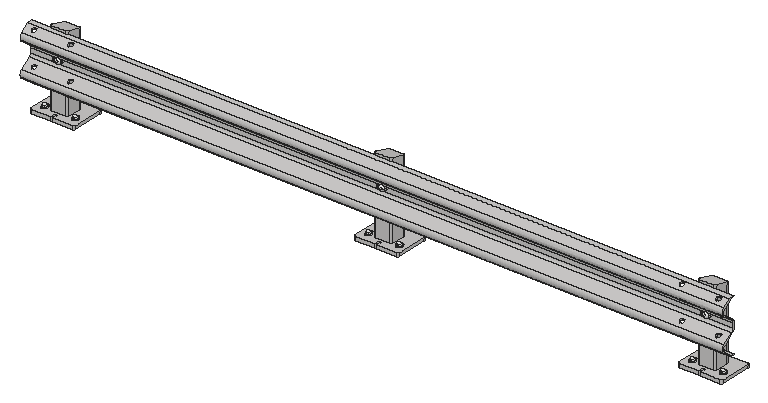
Revit family "Safety & Protection_Barrier_UltiGroup_Highway Rail", category Generic Models, Revit 2016
Family settings
  Part Type = Normal
  Can host rebar = No
  Round Connector Dimension = Use Diameter
  OmniClass Number = 23.30.80.17.11
  OmniClass Title = Impact Guard Rails
  Work Plane-Based = No
  Always vertical = Yes
  Cut with Voids When Loaded = No
  Shared = No
  Room Calculation Point = No
Parameters (values of type "Type 1")
  URL = "www.ultigroup.co.nz"
  Toll Free Phone = "0800 807 753"
  StyleOrType_ANZRS = ""
  Send Message = "http://ultigroup.co.nz/contact-ulti-group/"
  Rail length = 3810 mm
  Rail height = 470 mm
  Post 2 Bolt = yes
  Post 2 = yes
  Post 1 Bolt = yes
  Post 1 = yes
  Phone = "07 974 4691"
  ModifiedIssue_ANZRS = 0
  Model = "Ulti Highway Rail"
  Mid Post = yes
  Manufacturer = "UltiGroup"
  InstallationGroup_ANZRS = 0
  Guard Rail = yes
  Galvanised Steel = Galvanised Steel
  FireRating_ANZRS = ""
  FilterObject_ANZRS = ""
  Fax = "07 846 2467"
  Description = "Gauge 12 (2.7mm) Highway Flex Rail"
  CreatedBy_ANZRS = "UltiGroup"
  CreatedByURL_ANZRS = "www.ultigroup.co.nz"
  CreatedByPhoneNo_ANZRS = "07 974 4691"
  Bolts = Bolts
  Base Plate thickness = 20 mm
  Address = "17 McKee Street, Te Rapa, Hamilton, 3200, New Zealand"
  AcousticRating_ANZRS = ""
Reference planes
  plane 1 "Center (Front/Back)": y = 0
  plane 2: z = 0
  plane 3 "Center (Left/Right)": x = 0
  plane 4: x = 3810
  plane 5: z = 470
  plane 6: x = 1905
  plane 7: z = 445
  plane 8: z = 300
  plane 9: z = 20
  plane 10: y = 100
  plane 11: x = -50
  plane 12: x = 50
  plane 13: x = -130
  plane 14: x = 130
  plane 15: x = -90
  plane 16: x = 90
  plane 17: y = 150
  plane 18: y = -50
  plane 19: x = -40
  plane 20: x = 40
  plane 21: y = 90
  plane 22: y = 10
  plane 23: x = 1855
  plane 24: x = 1955
  plane 25: x = 1775
  plane 26: x = 2035
  plane 27: x = 1815
  plane 28: x = 1995
  plane 29: x = 1865
  plane 30: x = 1945
  plane 31: x = 3760
  plane 32: x = 3860
  plane 33: x = 3680
  plane 34: x = 3940
  plane 35: x = 3720
  plane 36: x = 3900
  plane 37: x = 3770
  plane 38: x = 3850
  plane 39: y = -83
  plane 40: y = -2
  plane 41: x = 108
  plane 42: x = -108
  plane 43: x = 3918
  plane 44: x = 3702
  plane 45: x = -160
  plane 46: x = 3970
  plane 47: y = -44
  plane 48: z = 437.104
  plane 49: z = 356.896
  plane 50: z = 243.104
  plane 51: z = 162.896
  plane 52: x = -90
  plane 53: x = 90
  plane 54: x = 1815
  plane 55: x = 1995
  plane 56: x = 3720
  plane 57: x = 3900
Forms (mm)
  Extrusion 1, solid, material "Galvanised Steel" <- "Galvanised Steel", visible <- "Post 1"
    sketch origin (0, 0, 0) x (1, 0, 0) y (0, 1, 0)
      loop
        line (-130, 140) -> (-130, -40)
        arc (-130, -40) -> (-127.071, -47.071) -> (-120, -50) r 10
        line (-120, -50) -> (-6.5, -50)
        arc (-6.5, -50) -> (-2.964, -48.536) -> (-1.5, -45) r 5
        line (-1.5, -45) -> (-1.5, -41.294)
        arc (-1.5, -41.294) -> (-2.17, -38.794) -> (-4, -36.964) r 5
        arc (-4, -36.964) -> (0, -22.036) -> (4, -36.964) r 8
        arc (4, -36.964) -> (2.17, -38.794) -> (1.5, -41.294) r 5
        line (1.5, -41.294) -> (1.5, -45)
        arc (1.5, -45) -> (2.964, -48.536) -> (6.5, -50) r 5
        line (6.5, -50) -> (120, -50)
        arc (120, -50) -> (127.071, -47.071) -> (130, -40) r 10
        line (130, -40) -> (130, 140)
        arc (130, 140) -> (127.071, 147.071) -> (120, 150) r 10
        line (120, 150) -> (6.5, 150)
        arc (6.5, 150) -> (2.964, 148.536) -> (1.5, 145) r 5
        line (1.5, 145) -> (1.5, 141.294)
        arc (1.5, 141.294) -> (2.17, 138.794) -> (4, 136.964) r 5
        arc (4, 136.964) -> (0, 122.036) -> (-4, 136.964) r 8
        arc (-4, 136.964) -> (-2.17, 138.794) -> (-1.5, 141.294) r 5
        line (-1.5, 141.294) -> (-1.5, 145)
        arc (-1.5, 145) -> (-2.964, 148.536) -> (-6.5, 150) r 5
        line (-6.5, 150) -> (-120, 150)
        arc (-120, 150) -> (-127.071, 147.071) -> (-130, 140) r 10
      loop
        arc (-30, 90) -> (-37.071, 87.071) -> (-40, 80) r 10
        line (-40, 80) -> (-40, 20)
        arc (-40, 20) -> (-37.071, 12.929) -> (-30, 10) r 10
        line (-30, 10) -> (30, 10)
        arc (30, 10) -> (37.071, 12.929) -> (40, 20) r 10
        line (40, 20) -> (40, 80)
        arc (40, 80) -> (37.071, 87.071) -> (30, 90) r 10
        line (30, 90) -> (-30, 90)
      loop
        arc (-79, 21.5) -> (-90, 32.5) -> (-101, 21.5) r 11
        line (-101, 21.5) -> (-101, -1.5)
        arc (-101, -1.5) -> (-90, -12.5) -> (-79, -1.5) r 11
        line (-79, -1.5) -> (-79, 21.5)
      loop
        arc (101, 21.5) -> (90, 32.5) -> (79, 21.5) r 11
        line (79, 21.5) -> (79, -1.5)
        arc (79, -1.5) -> (90, -12.5) -> (101, -1.5) r 11
        line (101, -1.5) -> (101, 21.5)
    from 0 to 20
  Extrusion 2, solid, material "Galvanised Steel" <- "Galvanised Steel", visible <- "Mid Post"
    sketch origin (0, 0, 0) x (1, 0, 0) y (0, 1, 0)
      loop
        line (1775, 140) -> (1775, -40)
        arc (1775, -40) -> (1777.929, -47.071) -> (1785, -50) r 10
        line (1785, -50) -> (1898.5, -50)
        arc (1898.5, -50) -> (1902.036, -48.536) -> (1903.5, -45) r 5
        line (1903.5, -45) -> (1903.5, -41.294)
        arc (1903.5, -41.294) -> (1902.83, -38.794) -> (1901, -36.964) r 5
        arc (1901, -36.964) -> (1905, -22.036) -> (1909, -36.964) r 8
        arc (1909, -36.964) -> (1907.17, -38.794) -> (1906.5, -41.294) r 5
        line (1906.5, -41.294) -> (1906.5, -45)
        arc (1906.5, -45) -> (1907.964, -48.536) -> (1911.5, -50) r 5
        line (1911.5, -50) -> (2025, -50)
        arc (2025, -50) -> (2032.071, -47.071) -> (2035, -40) r 10
        line (2035, -40) -> (2035, 140)
        arc (2035, 140) -> (2032.071, 147.071) -> (2025, 150) r 10
        line (2025, 150) -> (1911.5, 150)
        arc (1911.5, 150) -> (1907.964, 148.536) -> (1906.5, 145) r 5
        line (1906.5, 145) -> (1906.5, 141.294)
        arc (1906.5, 141.294) -> (1907.17, 138.794) -> (1909, 136.964) r 5
        arc (1909, 136.964) -> (1905, 122.036) -> (1901, 136.964) r 8
        arc (1901, 136.964) -> (1902.83, 138.794) -> (1903.5, 141.294) r 5
        line (1903.5, 141.294) -> (1903.5, 145)
        arc (1903.5, 145) -> (1902.036, 148.536) -> (1898.5, 150) r 5
        line (1898.5, 150) -> (1785, 150)
        arc (1785, 150) -> (1777.929, 147.071) -> (1775, 140) r 10
      loop
        line (1865, 80) -> (1865, 20)
        arc (1865, 20) -> (1867.929, 12.929) -> (1875, 10) r 10
        line (1875, 10) -> (1935, 10)
        arc (1935, 10) -> (1942.071, 12.929) -> (1945, 20) r 10
        line (1945, 20) -> (1945, 80)
        arc (1945, 80) -> (1942.071, 87.071) -> (1935, 90) r 10
        line (1935, 90) -> (1875, 90)
        arc (1875, 90) -> (1867.929, 87.071) -> (1865, 80) r 10
      loop
        arc (1826, 21.5) -> (1815, 32.5) -> (1804, 21.5) r 11
        line (1804, 21.5) -> (1804, -1.5)
        arc (1804, -1.5) -> (1815, -12.5) -> (1826, -1.5) r 11
        line (1826, -1.5) -> (1826, 21.5)
      loop
        arc (2006, 21.5) -> (1995, 32.5) -> (1984, 21.5) r 11
        line (1984, 21.5) -> (1984, -1.5)
        arc (1984, -1.5) -> (1995, -12.5) -> (2006, -1.5) r 11
        line (2006, -1.5) -> (2006, 21.5)
    from 0 to 20
  Extrusion 3, solid, material "Galvanised Steel" <- "Galvanised Steel", visible <- "Post 2"
    sketch origin (0, 0, 0) x (1, 0, 0) y (0, 1, 0)
      loop
        line (3940, -40) -> (3940, 140)
        arc (3940, 140) -> (3937.071, 147.071) -> (3930, 150) r 10
        line (3930, 150) -> (3816.5, 150)
        arc (3816.5, 150) -> (3812.964, 148.536) -> (3811.5, 145) r 5
        line (3811.5, 145) -> (3811.5, 141.294)
        arc (3811.5, 141.294) -> (3812.17, 138.794) -> (3814, 136.964) r 5
        arc (3814, 136.964) -> (3810, 122.036) -> (3806, 136.964) r 8
        arc (3806, 136.964) -> (3807.83, 138.794) -> (3808.5, 141.294) r 5
        line (3808.5, 141.294) -> (3808.5, 145)
        arc (3808.5, 145) -> (3807.036, 148.536) -> (3803.5, 150) r 5
        line (3803.5, 150) -> (3690, 150)
        arc (3690, 150) -> (3682.929, 147.071) -> (3680, 140) r 10
        line (3680, 140) -> (3680, -40)
        arc (3680, -40) -> (3682.929, -47.071) -> (3690, -50) r 10
        line (3690, -50) -> (3803.5, -50)
        arc (3803.5, -50) -> (3807.036, -48.536) -> (3808.5, -45) r 5
        line (3808.5, -45) -> (3808.5, -41.294)
        arc (3808.5, -41.294) -> (3807.83, -38.794) -> (3806, -36.964) r 5
        arc (3806, -36.964) -> (3810, -22.036) -> (3814, -36.964) r 8
        arc (3814, -36.964) -> (3812.17, -38.794) -> (3811.5, -41.294) r 5
        line (3811.5, -41.294) -> (3811.5, -45)
        arc (3811.5, -45) -> (3812.964, -48.536) -> (3816.5, -50) r 5
        line (3816.5, -50) -> (3930, -50)
        arc (3930, -50) -> (3937.071, -47.071) -> (3940, -40) r 10
      loop
        arc (3850, 80) -> (3847.071, 87.071) -> (3840, 90) r 10
        line (3840, 90) -> (3780, 90)
        arc (3780, 90) -> (3772.929, 87.071) -> (3770, 80) r 10
        line (3770, 80) -> (3770, 20)
        arc (3770, 20) -> (3772.929, 12.929) -> (3780, 10) r 10
        line (3780, 10) -> (3840, 10)
        arc (3840, 10) -> (3847.071, 12.929) -> (3850, 20) r 10
        line (3850, 20) -> (3850, 80)
      loop
        arc (3731, 21.5) -> (3720, 32.5) -> (3709, 21.5) r 11
        line (3709, 21.5) -> (3709, -1.5)
        arc (3709, -1.5) -> (3720, -12.5) -> (3731, -1.5) r 11
        line (3731, -1.5) -> (3731, 21.5)
      loop
        arc (3911, 21.5) -> (3900, 32.5) -> (3889, 21.5) r 11
        line (3889, 21.5) -> (3889, -1.5)
        arc (3889, -1.5) -> (3900, -12.5) -> (3911, -1.5) r 11
        line (3911, -1.5) -> (3911, 21.5)
    from 0 to 20
  Extrusion 4, solid, material "Galvanised Steel" <- "Galvanised Steel", visible <- "Post 1"
    sketch origin (-2467.543, -1524, 20) x (-1, 0, 0) y (0, -1, 0)
      loop
        line (-2517.543, -1535) -> (-2517.543, -1613)
        arc (-2517.543, -1613) -> (-2514.321, -1620.778) -> (-2506.543, -1624) r 11
        line (-2506.543, -1624) -> (-2428.543, -1624)
        arc (-2428.543, -1624) -> (-2420.764, -1620.778) -> (-2417.543, -1613) r 11
        line (-2417.543, -1613) -> (-2417.543, -1535)
        arc (-2417.543, -1535) -> (-2420.764, -1527.222) -> (-2428.543, -1524) r 11
        line (-2428.543, -1524) -> (-2506.543, -1524)
        arc (-2506.543, -1524) -> (-2514.321, -1527.222) -> (-2517.543, -1535) r 11
      loop
        arc (-2428.543, -1618) -> (-2425.007, -1616.536) -> (-2423.543, -1613) r 5
        line (-2423.543, -1613) -> (-2423.543, -1535)
        arc (-2423.543, -1535) -> (-2425.007, -1531.464) -> (-2428.543, -1530) r 5
        line (-2428.543, -1530) -> (-2506.543, -1530)
        arc (-2506.543, -1530) -> (-2510.078, -1531.464) -> (-2511.543, -1535) r 5
        line (-2511.543, -1535) -> (-2511.543, -1613)
        arc (-2511.543, -1613) -> (-2510.078, -1616.536) -> (-2506.543, -1618) r 5
        line (-2506.543, -1618) -> (-2428.543, -1618)
    from 0 to 450
  Extrusion 5, solid, material "Galvanised Steel" <- "Galvanised Steel", visible <- "Mid Post"
    sketch origin (-2467.543, -1524, 20) x (-1, 0, 0) y (0, -1, 0)
      loop
        arc (-4322.543, -1535) -> (-4325.764, -1527.222) -> (-4333.543, -1524) r 11
        line (-4333.543, -1524) -> (-4411.543, -1524)
        arc (-4411.543, -1524) -> (-4419.321, -1527.222) -> (-4422.543, -1535) r 11
        line (-4422.543, -1535) -> (-4422.543, -1613)
        arc (-4422.543, -1613) -> (-4419.321, -1620.778) -> (-4411.543, -1624) r 11
        line (-4411.543, -1624) -> (-4333.543, -1624)
        arc (-4333.543, -1624) -> (-4325.764, -1620.778) -> (-4322.543, -1613) r 11
        line (-4322.543, -1613) -> (-4322.543, -1535)
      loop
        arc (-4333.543, -1618) -> (-4330.007, -1616.536) -> (-4328.543, -1613) r 5
        line (-4328.543, -1613) -> (-4328.543, -1535)
        arc (-4328.543, -1535) -> (-4330.007, -1531.464) -> (-4333.543, -1530) r 5
        line (-4333.543, -1530) -> (-4411.543, -1530)
        arc (-4411.543, -1530) -> (-4415.078, -1531.464) -> (-4416.543, -1535) r 5
        line (-4416.543, -1535) -> (-4416.543, -1613)
        arc (-4416.543, -1613) -> (-4415.078, -1616.536) -> (-4411.543, -1618) r 5
        line (-4411.543, -1618) -> (-4333.543, -1618)
    from 0 to 450
  Extrusion 6, solid, material "Galvanised Steel" <- "Galvanised Steel", visible <- "Post 2"
    sketch origin (-2467.543, -1524, 20) x (-1, 0, 0) y (0, -1, 0)
      loop
        line (-6327.543, -1535) -> (-6327.543, -1613)
        arc (-6327.543, -1613) -> (-6324.321, -1620.778) -> (-6316.543, -1624) r 11
        line (-6316.543, -1624) -> (-6238.543, -1624)
        arc (-6238.543, -1624) -> (-6230.764, -1620.778) -> (-6227.543, -1613) r 11
        line (-6227.543, -1613) -> (-6227.543, -1535)
        arc (-6227.543, -1535) -> (-6230.764, -1527.222) -> (-6238.543, -1524) r 11
        line (-6238.543, -1524) -> (-6316.543, -1524)
        arc (-6316.543, -1524) -> (-6324.321, -1527.222) -> (-6327.543, -1535) r 11
      loop
        arc (-6238.543, -1618) -> (-6235.007, -1616.536) -> (-6233.543, -1613) r 5
        line (-6233.543, -1613) -> (-6233.543, -1535)
        arc (-6233.543, -1535) -> (-6235.007, -1531.464) -> (-6238.543, -1530) r 5
        line (-6238.543, -1530) -> (-6316.543, -1530)
        arc (-6316.543, -1530) -> (-6320.078, -1531.464) -> (-6321.543, -1535) r 5
        line (-6321.543, -1535) -> (-6321.543, -1613)
        arc (-6321.543, -1613) -> (-6320.078, -1616.536) -> (-6316.543, -1618) r 5
        line (-6316.543, -1618) -> (-6238.543, -1618)
    from 0 to 450
  Extrusion 7, solid, material "Galvanised Steel" <- "Galvanised Steel", visible <- "Guard Rail"
    sketch origin (-160, 746.798, 1200) x (0, 1, 0) y (0, 0, 1)
      loop
        line (-746.798, -744) -> (-773.387, -748.689) -> (-817.759, -780.685)
        arc (-817.759, -780.685) -> (-829.792, -802.443) -> (-818.677, -824.684) r 26.7
        line (-818.677, -824.684) -> (-761.329, -866.629)
        arc (-761.329, -866.629) -> (-754.096, -875.138) -> (-751.498, -886) r 24
        line (-751.498, -886) -> (-751.498, -914)
        arc (-751.498, -914) -> (-754.096, -924.862) -> (-761.329, -933.371) r 24
        line (-761.329, -933.371) -> (-818.677, -975.316)
        arc (-818.677, -975.316) -> (-829.798, -997.021) -> (-818.643, -1018.707) r 26.7
        line (-818.643, -1018.707) -> (-773.387, -1051.311) -> (-746.798, -1056) -> (-746.798, -1053.258) -> (-772.31, -1048.76) -> (-817.068, -1016.515)
        arc (-817.068, -1016.515) -> (-827.098, -997.015) -> (-817.092, -977.503) r 24
        line (-817.092, -977.503) -> (-759.735, -935.551)
        arc (-759.735, -935.551) -> (-751.688, -926.084) -> (-748.798, -914) r 26.7
        line (-748.798, -914) -> (-748.798, -886)
        arc (-748.798, -886) -> (-751.688, -873.916) -> (-759.735, -864.449) r 26.7
        line (-759.735, -864.449) -> (-817.092, -822.497)
        arc (-817.092, -822.497) -> (-827.098, -802.985) -> (-817.068, -783.485) r 24
        line (-817.068, -783.485) -> (-772.31, -751.24) -> (-746.798, -746.742) -> (-746.798, -744)
    from 0 to 4130
  Extrusion 8, void
    sketch origin (0, 0, 0) x (-1, 0, 0) y (0, 0, 1)
      loop
        line (-1927, 290.5) -> (-1883, 290.5)
        arc (-1883, 290.5) -> (-1873.5, 300) -> (-1883, 309.5) r 9.5
        line (-1883, 309.5) -> (-1927, 309.5)
        arc (-1927, 309.5) -> (-1936.5, 300) -> (-1927, 290.5) r 9.5
    from 0 to -4.7
  Extrusion 9, void
    sketch origin (0, 0, 0) x (-1, 0, 0) y (0, 0, 1)
      loop
        arc (-22, 309.5) -> (-31.5, 300) -> (-22, 290.5) r 9.5
        line (-22, 290.5) -> (22, 290.5)
        arc (22, 290.5) -> (31.5, 300) -> (22, 309.5) r 9.5
        line (22, 309.5) -> (-22, 309.5)
    from 0 to -4.7
  Extrusion 10, void
    sketch origin (0, 0, 0) x (-1, 0, 0) y (0, 0, 1)
      loop
        arc (-3832, 309.5) -> (-3841.5, 300) -> (-3832, 290.5) r 9.5
        line (-3832, 290.5) -> (-3788, 290.5)
        arc (-3788, 290.5) -> (-3778.5, 300) -> (-3788, 309.5) r 9.5
        line (-3788, 309.5) -> (-3832, 309.5)
    from 0 to -4.7
  Extrusion 11, void
    sketch origin (-160, -70.961, 419.315) x (0, -0.811105, -0.584901) y (-1, 0, 0)
      loop
        line (-43.805, -49) -> (-43.805, -55)
        arc (-43.805, -55) -> (-40.437, -63.132) -> (-32.305, -66.5) r 11.5
        arc (-32.305, -66.5) -> (-24.173, -63.132) -> (-20.805, -55) r 11.5
        line (-20.805, -55) -> (-20.805, -49)
        arc (-20.805, -49) -> (-24.173, -40.868) -> (-32.305, -37.5) r 11.5
        arc (-32.305, -37.5) -> (-40.437, -40.868) -> (-43.805, -49) r 11.5
      loop
        line (-43.805, -265) -> (-43.805, -271)
        arc (-43.805, -271) -> (-40.437, -279.132) -> (-32.305, -282.5) r 11.5
        arc (-32.305, -282.5) -> (-24.173, -279.132) -> (-20.805, -271) r 11.5
        line (-20.805, -271) -> (-20.805, -265)
        arc (-20.805, -265) -> (-24.173, -256.868) -> (-32.305, -253.5) r 11.5
        arc (-32.305, -253.5) -> (-40.437, -256.868) -> (-43.805, -265) r 11.5
    from 0 to 2.69
  Extrusion 12, void
    sketch origin (-160, -70.961, 419.315) x (0, -0.811105, -0.584901) y (-1, 0, 0)
      loop
        line (-43.805, -3859) -> (-43.805, -3865)
        arc (-43.805, -3865) -> (-40.437, -3873.132) -> (-32.305, -3876.5) r 11.5
        arc (-32.305, -3876.5) -> (-24.173, -3873.132) -> (-20.805, -3865) r 11.5
        line (-20.805, -3865) -> (-20.805, -3859)
        arc (-20.805, -3859) -> (-24.173, -3850.868) -> (-32.305, -3847.5) r 11.5
        arc (-32.305, -3847.5) -> (-40.437, -3850.868) -> (-43.805, -3859) r 11.5
      loop
        line (-43.805, -4075) -> (-43.805, -4081)
        arc (-43.805, -4081) -> (-40.437, -4089.132) -> (-32.305, -4092.5) r 11.5
        arc (-32.305, -4092.5) -> (-24.173, -4089.132) -> (-20.805, -4081) r 11.5
        line (-20.805, -4081) -> (-20.805, -4075)
        arc (-20.805, -4075) -> (-24.173, -4066.868) -> (-32.305, -4063.5) r 11.5
        arc (-32.305, -4063.5) -> (-40.437, -4066.868) -> (-43.805, -4075) r 11.5
    from 0 to 2.69
  Extrusion 13, void
    sketch origin (-160, -14.531, 333.371) x (0, 0.807143, -0.590356) y (-1, 0, 0)
      loop
        line (-49.15, -49) -> (-49.15, -55)
        arc (-49.15, -55) -> (-45.782, -63.132) -> (-37.65, -66.5) r 11.5
        arc (-37.65, -66.5) -> (-29.519, -63.132) -> (-26.15, -55) r 11.5
        line (-26.15, -55) -> (-26.15, -49)
        arc (-26.15, -49) -> (-29.519, -40.868) -> (-37.65, -37.5) r 11.5
        arc (-37.65, -37.5) -> (-45.782, -40.868) -> (-49.15, -49) r 11.5
      loop
        line (-49.15, -265) -> (-49.15, -271)
        arc (-49.15, -271) -> (-45.782, -279.132) -> (-37.65, -282.5) r 11.5
        arc (-37.65, -282.5) -> (-29.519, -279.132) -> (-26.15, -271) r 11.5
        line (-26.15, -271) -> (-26.15, -265)
        arc (-26.15, -265) -> (-29.519, -256.868) -> (-37.65, -253.5) r 11.5
        arc (-37.65, -253.5) -> (-45.782, -256.868) -> (-49.15, -265) r 11.5
    from 0 to 2.7
  Extrusion 14, void
    sketch origin (-160, -71.879, 224.684) x (0, -0.807143, -0.590356) y (-1, 0, 0)
      loop
        arc (-21.9, -49) -> (-25.268, -40.868) -> (-33.4, -37.5) r 11.5
        arc (-33.4, -37.5) -> (-41.532, -40.868) -> (-44.9, -49) r 11.5
        line (-44.9, -49) -> (-44.9, -55)
        arc (-44.9, -55) -> (-41.532, -63.132) -> (-33.4, -66.5) r 11.5
        arc (-33.4, -66.5) -> (-25.268, -63.132) -> (-21.9, -55) r 11.5
        line (-21.9, -55) -> (-21.9, -49)
      loop
        arc (-21.9, -265) -> (-25.268, -256.868) -> (-33.4, -253.5) r 11.5
        arc (-33.4, -253.5) -> (-41.532, -256.868) -> (-44.9, -265) r 11.5
        line (-44.9, -265) -> (-44.9, -271)
        arc (-44.9, -271) -> (-41.532, -279.132) -> (-33.4, -282.5) r 11.5
        arc (-33.4, -282.5) -> (-25.268, -279.132) -> (-21.9, -271) r 11.5
        line (-21.9, -271) -> (-21.9, -265)
    from 0 to 2.7
  Extrusion 15, void
    sketch origin (-160, -26.59, 148.689) x (0, 0.811367, -0.584536) y (-1, 0, 0)
      loop
        line (-34.978, -49) -> (-34.978, -55)
        arc (-34.978, -55) -> (-31.609, -63.132) -> (-23.478, -66.5) r 11.5
        arc (-23.478, -66.5) -> (-15.346, -63.132) -> (-11.978, -55) r 11.5
        line (-11.978, -55) -> (-11.978, -49)
        arc (-11.978, -49) -> (-15.346, -40.868) -> (-23.478, -37.5) r 11.5
        arc (-23.478, -37.5) -> (-31.609, -40.868) -> (-34.978, -49) r 11.5
      loop
        arc (-11.978, -265.03) -> (-15.355, -256.877) -> (-23.478, -253.5) r 11.53
        arc (-23.478, -253.5) -> (-31.609, -256.868) -> (-34.978, -265) r 11.5
        line (-34.978, -265) -> (-34.978, -271)
        arc (-34.978, -271) -> (-31.609, -279.132) -> (-23.478, -282.5) r 11.5
        arc (-23.478, -282.5) -> (-15.346, -279.132) -> (-11.978, -271) r 11.5
        line (-11.978, -271) -> (-11.978, -265.03)
    from 0 to 2.7
  Extrusion 16, void
    sketch origin (-160, -14.531, 333.371) x (0, 0.807143, -0.590356) y (-1, 0, 0)
      loop
        line (-49.15, -3859) -> (-49.15, -3865)
        arc (-49.15, -3865) -> (-45.782, -3873.132) -> (-37.65, -3876.5) r 11.5
        arc (-37.65, -3876.5) -> (-29.519, -3873.132) -> (-26.15, -3865) r 11.5
        line (-26.15, -3865) -> (-26.15, -3859)
        arc (-26.15, -3859) -> (-29.519, -3850.868) -> (-37.65, -3847.5) r 11.5
        arc (-37.65, -3847.5) -> (-45.782, -3850.868) -> (-49.15, -3859) r 11.5
      loop
        arc (-26.15, -4075) -> (-29.519, -4066.868) -> (-37.65, -4063.5) r 11.5
        arc (-37.65, -4063.5) -> (-45.782, -4066.868) -> (-49.15, -4075) r 11.5
        line (-49.15, -4075) -> (-49.15, -4081)
        arc (-49.15, -4081) -> (-45.782, -4089.132) -> (-37.65, -4092.5) r 11.5
        arc (-37.65, -4092.5) -> (-29.519, -4089.132) -> (-26.15, -4081) r 11.5
        line (-26.15, -4081) -> (-26.15, -4075)
    from 0 to 2.7
  Extrusion 17, void
    sketch origin (-160, -71.879, 224.684) x (0, -0.807143, -0.590356) y (-1, 0, 0)
      loop
        arc (-21.9, -3859) -> (-25.268, -3850.868) -> (-33.4, -3847.5) r 11.5
        arc (-33.4, -3847.5) -> (-41.532, -3850.868) -> (-44.9, -3859) r 11.5
        line (-44.9, -3859) -> (-44.9, -3865)
        arc (-44.9, -3865) -> (-41.532, -3873.132) -> (-33.4, -3876.5) r 11.5
        arc (-33.4, -3876.5) -> (-25.268, -3873.132) -> (-21.9, -3865) r 11.5
        line (-21.9, -3865) -> (-21.9, -3859)
      loop
        line (-44.9, -4075) -> (-44.9, -4081)
        arc (-44.9, -4081) -> (-41.532, -4089.132) -> (-33.4, -4092.5) r 11.5
        arc (-33.4, -4092.5) -> (-25.268, -4089.132) -> (-21.9, -4081) r 11.5
        line (-21.9, -4081) -> (-21.9, -4075)
        arc (-21.9, -4075) -> (-25.268, -4066.868) -> (-33.4, -4063.5) r 11.5
        arc (-33.4, -4063.5) -> (-41.532, -4066.868) -> (-44.9, -4075) r 11.5
    from 0 to 2.7
  Extrusion 18, void
    sketch origin (-160, -26.59, 148.689) x (0, 0.811367, -0.584536) y (-1, 0, 0)
      loop
        line (-34.978, -3859) -> (-34.978, -3865)
        arc (-34.978, -3865) -> (-31.609, -3873.132) -> (-23.478, -3876.5) r 11.5
        arc (-23.478, -3876.5) -> (-15.346, -3873.132) -> (-11.978, -3865) r 11.5
        line (-11.978, -3865) -> (-11.978, -3859)
        arc (-11.978, -3859) -> (-15.346, -3850.868) -> (-23.478, -3847.5) r 11.5
        arc (-23.478, -3847.5) -> (-31.609, -3850.868) -> (-34.978, -3859) r 11.5
      loop
        line (-34.978, -4075) -> (-34.978, -4081)
        arc (-34.978, -4081) -> (-31.609, -4089.132) -> (-23.478, -4092.5) r 11.5
        arc (-23.478, -4092.5) -> (-15.346, -4089.132) -> (-11.978, -4081) r 11.5
        line (-11.978, -4081) -> (-11.978, -4075)
        arc (-11.978, -4075) -> (-15.346, -4066.868) -> (-23.478, -4063.5) r 11.5
        arc (-23.478, -4063.5) -> (-31.609, -4066.868) -> (-34.978, -4075) r 11.5
    from 0 to 2.7
  Extrusion 19, solid, material "Galvanised Steel" <- "Galvanised Steel", visible <- "Post 1"
    sketch origin (-50, 0, 470) x (0, 0.970143, -0.242536) y (-1, 0, 0)
      loop
        arc (103.078, -10.524) -> (99.586, -3.057) -> (91.924, 0) r 11.174
        line (91.924, 0) -> (11.338, -0.018)
        arc (11.338, -0.018) -> (3.559, -2.994) -> (0, -10.524) r 11.174
        line (0, -10.524) -> (0, -89.476)
        arc (0, -89.476) -> (3.559, -97.006) -> (11.339, -100) r 11.174
        line (11.339, -100) -> (91.924, -99.983)
        arc (91.924, -99.983) -> (99.586, -96.943) -> (103.078, -89.476) r 11.174
        line (103.078, -89.476) -> (103.078, -10.524)
    from -1 to 0
  Extrusion 20, solid, material "Galvanised Steel" <- "Galvanised Steel", visible <- "Post 1"
    sketch origin (-1527.238, -1524, 470) x (-1, 0, 0) y (0, -1, 0)
      loop
        line (-1577.238, -1535) -> (-1577.238, -1613)
        arc (-1577.238, -1613) -> (-1574.016, -1620.778) -> (-1566.238, -1624) r 11
        line (-1566.238, -1624) -> (-1488.238, -1624)
        arc (-1488.238, -1624) -> (-1480.459, -1620.778) -> (-1477.238, -1613) r 11
        line (-1477.238, -1613) -> (-1477.238, -1535)
        arc (-1477.238, -1535) -> (-1480.459, -1527.222) -> (-1488.238, -1524) r 11
        line (-1488.238, -1524) -> (-1566.238, -1524)
        arc (-1566.238, -1524) -> (-1574.016, -1527.222) -> (-1577.238, -1535) r 11
    from -31 to 0
  Extrusion 21, solid, material "Galvanised Steel" <- "Galvanised Steel", visible <- "Mid Post"
    sketch origin (-1527.238, -1524, 470) x (-1, 0, 0) y (0, -1, 0)
      loop
        line (-3482.238, -1535) -> (-3482.238, -1613)
        arc (-3482.238, -1613) -> (-3479.016, -1620.778) -> (-3471.238, -1624) r 11
        line (-3471.238, -1624) -> (-3393.238, -1624)
        arc (-3393.238, -1624) -> (-3385.459, -1620.778) -> (-3382.238, -1613) r 11
        line (-3382.238, -1613) -> (-3382.238, -1535)
        arc (-3382.238, -1535) -> (-3385.459, -1527.222) -> (-3393.238, -1524) r 11
        line (-3393.238, -1524) -> (-3471.238, -1524)
        arc (-3471.238, -1524) -> (-3479.016, -1527.222) -> (-3482.238, -1535) r 11
    from -31 to 0
  Extrusion 22, solid, material "Galvanised Steel" <- "Galvanised Steel", visible <- "Post 2"
    sketch origin (-1527.238, -1524, 470) x (-1, 0, 0) y (0, -1, 0)
      loop
        arc (-5287.238, -1535) -> (-5290.459, -1527.222) -> (-5298.238, -1524) r 11
        line (-5298.238, -1524) -> (-5376.238, -1524)
        arc (-5376.238, -1524) -> (-5384.016, -1527.222) -> (-5387.238, -1535) r 11
        line (-5387.238, -1535) -> (-5387.238, -1613)
        arc (-5387.238, -1613) -> (-5384.016, -1620.778) -> (-5376.238, -1624) r 11
        line (-5376.238, -1624) -> (-5298.238, -1624)
        arc (-5298.238, -1624) -> (-5290.459, -1620.778) -> (-5287.238, -1613) r 11
        line (-5287.238, -1613) -> (-5287.238, -1535)
    from -31 to 0
  Extrusion 23, void
    sketch origin (-50, 65, 1200) x (0, 1, 0) y (0, 0, 1)
      loop
        line (35, -730) -> (-65, -730) -> (35, -755) -> (35, -730)
    from 100 to 0
  Extrusion 24, void
    sketch origin (1855, 65, 1200) x (0, 1, 0) y (0, 0, 1)
      loop
        line (35, -730) -> (-65, -730) -> (35, -755) -> (35, -730)
    from 100 to 0
  Extrusion 25, void
    sketch origin (3760, 65, 1200) x (0, 1, 0) y (0, 0, 1)
      loop
        line (35, -730) -> (-65, -730) -> (35, -755) -> (35, -730)
    from 100 to 0
  Extrusion 26, solid, material "Bolts" <- "Bolts", visible <- "Mid Post"
    sketch origin (1275, -2, 1200) x (-1, 0, 0) y (0, 0, 1)
      loop
        circle (-630, -900) r 8
    from 30 to -2.7
  Extrusion 27, solid, material "Bolts" <- "Bolts", visible <- "Mid Post"
    sketch origin (1275, -2, 1200) x (-1, 0, 0) y (0, 0, 1)
      loop
        circle (-630, -900) r 14
    from -10.7 to -2.7
  Sweep 28, void
    path in 3D
      loop
        arc (1919, -12.7, 300) -> (1905, -12.7, 286) -> (1891, -12.7, 300) r 14
        arc (1891, -12.7, 300) -> (1905, -12.7, 314) -> (1919, -12.7, 300) r 14
    profile origin (1905, -12.7, 314) x (0, 0, 1) y (0, -1, 0)
      loop
        line (0, -6) -> (0, 0) -> (-6, 0)
        arc (-6, 0) -> (-1.757, -1.757) -> (0, -6) r 6
  Extrusion 29, solid, material "Bolts" <- "Bolts", visible <- "Post 2 Bolt"
    sketch origin (-160, -4.7, 286) x (0, 0, 1) y (-1, 0, 0)
      loop
        circle (14, -3970) r 8
    from -30 to 0
  Extrusion 30, solid, material "Bolts" <- "Bolts", visible <- "Post 2 Bolt"
    sketch origin (-160, -4.7, 286) x (0, 0, 1) y (-1, 0, 0)
      loop
        circle (14, -3970) r 14
    from 0 to 8
  Sweep 31, void
    path in 3D
      loop
        arc (3810, -12.7, 286) -> (3796, -12.7, 300) -> (3810, -12.7, 314) r 14
        arc (3810, -12.7, 314) -> (3824, -12.7, 300) -> (3810, -12.7, 286) r 14
    profile origin (3824, -12.7, 300) x (0, -1, 0) y (1, 0, 0)
      loop
        line (0, 0) -> (-6, 0)
        arc (-6, 0) -> (-1.757, -1.757) -> (0, -6) r 6
        line (0, -6) -> (0, 0)
  Extrusion 32, solid, material "Bolts" <- "Bolts", visible <- "Post 1 Bolt"
    sketch origin (-160, -4.7, 286) x (0, 0, 1) y (-1, 0, 0)
      loop
        circle (14, -160) r 8
    from -30 to 0
  Extrusion 33, solid, material "Bolts" <- "Bolts", visible <- "Post 1 Bolt"
    sketch origin (-160, -4.7, 286) x (0, 0, 1) y (-1, 0, 0)
      loop
        circle (14, -160) r 14
    from 0 to 8
  Sweep 34, void
    path in 3D
      loop
        arc (0, -12.7, 314) -> (14, -12.7, 300) -> (0, -12.7, 286) r 14
        arc (0, -12.7, 286) -> (-14, -12.7, 300) -> (0, -12.7, 314) r 14
    profile origin (-14, -12.7, 300) x (-1, 0, 0) y (0, -1, 0)
      loop
        line (0, 0) -> (-6, 0)
        arc (-6, 0) -> (-1.757, -1.757) -> (0, -6) r 6
        line (0, -6) -> (0, 0)
  Extrusion 35, solid, material "Bolts" <- "Bolts", visible <- "Post 1"
    sketch origin (0, 0, 20) x (1, 0, 0) y (0, 1, 0)
      loop
        circle (-90, 10) r 10
      loop
        circle (90, 10) r 10
    from -20 to 13
  Extrusion 36, solid, material "Bolts" <- "Bolts", visible <- "Post 1"
    sketch origin (0, 0, 20) x (1, 0, 0) y (0, 1, 0)
      loop
        circle (-90, 10) r 16
      loop
        circle (90, 10) r 16
    from 0 to 3
  Extrusion 37, solid, material "Bolts" <- "Bolts", visible <- "Post 1"
    sketch origin (0, 0, 23) x (1, 0, 0) y (0, 1, 0)
      loop
        line (-76, 10) -> (-83, 22.124) -> (-97, 22.124) -> (-104, 10) -> (-97, -2.124) -> (-83, -2.124) -> (-76, 10)
      loop
        circle (-90, 10) r 10
      loop
        circle (90, 10) r 10
      loop
        line (104, 10) -> (97, 22.124) -> (83, 22.124) -> (76, 10) -> (83, -2.124) -> (97, -2.124) -> (104, 10)
    from 0 to 10
  Extrusion 38, solid, material "Bolts" <- "Bolts", visible <- "Mid Post"
    sketch origin (0, 0, 20) x (1, 0, 0) y (0, 1, 0)
      loop
        circle (1815, 10) r 10
      loop
        circle (1995, 10) r 10
    from -20 to 13
  Extrusion 39, solid, material "Bolts" <- "Bolts", visible <- "Mid Post"
    sketch origin (0, 0, 20) x (1, 0, 0) y (0, 1, 0)
      loop
        circle (1815, 10) r 10
      loop
        circle (1995, 10) r 10
      loop
        circle (1815, 10) r 16
      loop
        circle (1995, 10) r 16
    from 0 to 3
  Extrusion 40, solid, material "Bolts" <- "Bolts", visible <- "Post 2"
    sketch origin (0, 0, 20) x (1, 0, 0) y (0, 1, 0)
      loop
        circle (3720, 10) r 10
      loop
        circle (3900, 10) r 10
    from -20 to 13
  Extrusion 41, solid, material "Bolts" <- "Bolts", visible <- "Post 2"
    sketch origin (0, 0, 20) x (1, 0, 0) y (0, 1, 0)
      loop
        circle (3720, 10) r 10
      loop
        circle (3720, 10) r 16
      loop
        circle (3900, 10) r 10
      loop
        circle (3900, 10) r 16
    from 0 to 3
  Extrusion 42, solid, material "Bolts" <- "Bolts", visible <- "Post 2"
    sketch origin (0, 0, 23) x (1, 0, 0) y (0, 1, 0)
      loop
        circle (3720, 10) r 10
      loop
        line (3734, 10) -> (3727, 22.124) -> (3713, 22.124) -> (3706, 10) -> (3713, -2.124) -> (3727, -2.124) -> (3734, 10)
      loop
        circle (3900, 10) r 10
      loop
        line (3914, 10) -> (3907, 22.124) -> (3893, 22.124) -> (3886, 10) -> (3893, -2.124) -> (3907, -2.124) -> (3914, 10)
    from 0 to 10
  Extrusion 43, solid, material "Bolts" <- "Bolts", visible <- "Mid Post"
    sketch origin (0, 0, 23) x (1, 0, 0) y (0, 1, 0)
      loop
        circle (1815, 10) r 10
      loop
        circle (1995, 10) r 10
      loop
        line (1829, 10) -> (1822, 22.124) -> (1808, 22.124) -> (1801, 10) -> (1808, -2.124) -> (1822, -2.124) -> (1829, 10)
      loop
        line (2009, 10) -> (2002, 22.124) -> (1988, 22.124) -> (1981, 10) -> (1988, -2.124) -> (2002, -2.124) -> (2009, 10)
    from 0 to 10
Cuts and joins
  Extrusion 9, Extrusion 23 cuts Extrusion 4
  Extrusion 23 cuts Extrusion 19
  Extrusion 23 cuts Extrusion 20
  joined: Extrusion 4, Extrusion 19, Extrusion 20
  Extrusion 8, Extrusion 24 cuts Extrusion 5
  Extrusion 24 cuts Extrusion 21
  joined: Extrusion 5, Extrusion 21
  Extrusion 10, Extrusion 25 cuts Extrusion 6
  Extrusion 25 cuts Extrusion 22
  joined: Extrusion 6, Extrusion 22
  Extrusion 8, Extrusion 9, Extrusion 10, Extrusion 11, Extrusion 12, Extrusion 13, Extrusion 14, Extrusion 15, Extrusion 16, Extrusion 17, Extrusion 18 cuts Extrusion 7
  Sweep 28 cuts Extrusion 26
  Sweep 28 cuts Extrusion 27
  joined: Extrusion 26, Extrusion 27
  Sweep 31 cuts Extrusion 29
  Sweep 31 cuts Extrusion 30
  joined: Extrusion 29, Extrusion 30
  Sweep 34 cuts Extrusion 32
  Sweep 34 cuts Extrusion 33
  joined: Extrusion 32, Extrusion 33
  joined: Extrusion 35, Extrusion 36, Extrusion 37
  joined: Extrusion 38, Extrusion 39, Extrusion 43
  joined: Extrusion 40, Extrusion 41, Extrusion 42
Lines and regions (mm)
  sketch lines
    curve 1: arc (1891, -12.7, 300) -> (1905, -12.7, 314) -> (1919, -12.7, 300) r 14
    curve 2: arc (1919, -12.7, 300) -> (1905, -12.7, 286) -> (1891, -12.7, 300) r 14
    curve 3: arc (3810, -12.7, 314) -> (3824, -12.7, 300) -> (3810, -12.7, 286) r 14
    curve 4: arc (3810, -12.7, 286) -> (3796, -12.7, 300) -> (3810, -12.7, 314) r 14
    curve 5: arc (0, -12.7, 286) -> (-14, -12.7, 300) -> (0, -12.7, 314) r 14
    curve 6: arc (0, -12.7, 314) -> (14, -12.7, 300) -> (0, -12.7, 286) r 14
Dimensions and locks
  "Rail length": plane 3 "Center (Left/Right)" to plane 4
  equal spacing: plane 3 "Center (Left/Right)", plane 6, plane 4
  "Rail height": plane 5 to plane 2
  locked: plane 5 to plane 7 at 25
  locked: plane 5 to plane 8 at 170
  "Base Plate thickness": plane 9 to plane 2
  locked: plane 1 "Center (Front/Back)" to plane 10 at 100
  locked: plane 11 to plane 3 "Center (Left/Right)" at 50
  locked: plane 3 "Center (Left/Right)" to plane 12 at 50
  locked: plane 13 to plane 3 "Center (Left/Right)" at 130
  locked: plane 3 "Center (Left/Right)" to plane 14 at 130
  locked: plane 13 to plane 15 at 40
  locked: plane 16 to plane 14 at 40
  locked: plane 1 "Center (Front/Back)" to plane 17 at 150
  locked: plane 18 to plane 1 "Center (Front/Back)" at 50
  locked: plane 11 to plane 19 at 10
  locked: plane 20 to plane 12 at 10
  locked: plane 1 "Center (Front/Back)" to plane 22 at 10
  locked: plane 10 to plane 21 at 10
  locked: plane 23 to plane 6 at 50
  locked: plane 6 to plane 24 at 50
  locked: plane 25 to plane 6 at 130
  locked: plane 6 to plane 26 at 130
  locked: plane 25 to plane 27 at 40
  locked: plane 28 to plane 26 at 40
  locked: plane 23 to plane 29 at 10
  locked: plane 30 to plane 24 at 10
  locked: plane 31 to plane 4 at 50
  locked: plane 4 to plane 32 at 50
  locked: plane 33 to plane 4 at 130
  locked: plane 4 to plane 34 at 130
  locked: plane 33 to plane 35 at 40
  locked: plane 36 to plane 34 at 40
  locked: plane 31 to plane 37 at 10
  locked: plane 38 to plane 32 at 10
  locked: plane 39 to plane 1 "Center (Front/Back)" at 83
  locked: plane 40 to plane 39 at 81
  locked: plane 42 to plane 3 "Center (Left/Right)" at 108
  locked: plane 3 "Center (Left/Right)" to plane 41 at 108
  locked: plane 44 to plane 4 at 108
  locked: plane 4 to plane 43 at 108
  locked: plane 45 to plane 42 at 52
  locked: plane 46 to plane 43 at 52
  locked: plane 47 to plane 39 at 39
  locked: plane 49 to plane 8 at 56.896
  locked: plane 48 to plane 49 at 80.208
  locked: plane 8 to plane 50 at 56.896
  locked: plane 50 to plane 51 at 80.208
  locked: plane 52 to plane 3 "Center (Left/Right)" at 90
  locked: plane 3 "Center (Left/Right)" to plane 53 at 90
  locked: plane 54 to plane 6 at 90
  locked: plane 6 to plane 55 at 90
  locked: plane 56 to plane 4 at 90
  locked: plane 4 to plane 57 at 90
  aligned and locked: level to plane 2
  aligned and locked: Extrusion 1 sketch curve to plane 13
  aligned and locked: Extrusion 1 sketch curve to plane 14
  aligned and locked: Extrusion 1 sketch curve to plane 17
  aligned and locked: Extrusion 1 sketch curve to plane 18
  aligned and locked: plane 3 "Center (Left/Right)" to Extrusion 1 sketch curve
  aligned and locked: plane 21 to Extrusion 1 sketch curve
  aligned and locked: plane 22 to Extrusion 1 sketch curve
  aligned and locked: plane 19 to Extrusion 1 sketch curve
  aligned and locked: plane 20 to Extrusion 1 sketch curve
  aligned and locked: Extrusion 1 sketch curve to plane 15  (x2)
  aligned and locked: plane 16 to Extrusion 1 sketch curve  (x2)
  aligned and locked: plane 9 to Extrusion 1
  aligned and locked: Extrusion 1 to level
  aligned and locked: Extrusion 2 sketch curve to plane 25
  aligned and locked: Extrusion 2 sketch curve to plane 26
  aligned and locked: Extrusion 2 sketch curve to plane 17
  aligned and locked: Extrusion 2 sketch curve to plane 18
  aligned and locked: plane 29 to Extrusion 2 sketch curve
  aligned and locked: plane 30 to Extrusion 2 sketch curve
  aligned and locked: plane 21 to Extrusion 2 sketch curve
  aligned and locked: plane 22 to Extrusion 2 sketch curve
  aligned and locked: plane 6 to Extrusion 2 sketch curve
  aligned and locked: Extrusion 2 sketch curve to plane 27  (x2)
  aligned and locked: plane 28 to Extrusion 2 sketch curve  (x2)
  aligned and locked: plane 9 to Extrusion 2
  aligned and locked: Extrusion 2 to level
  aligned and locked: Extrusion 3 sketch curve to plane 34
  aligned and locked: Extrusion 3 sketch curve to plane 33
  aligned and locked: Extrusion 3 sketch curve to plane 17
  aligned and locked: Extrusion 3 sketch curve to plane 18
  aligned and locked: plane 4 to Extrusion 3 sketch curve  (x2)
  aligned and locked: plane 38 to Extrusion 3 sketch curve
  aligned and locked: plane 37 to Extrusion 3 sketch curve
  aligned and locked: plane 22 to Extrusion 3 sketch curve
  aligned and locked: plane 21 to Extrusion 3 sketch curve
  aligned and locked: Extrusion 3 sketch curve to plane 35  (x2)
  aligned and locked: plane 36 to Extrusion 3 sketch curve  (x2)
  aligned and locked: plane 9 to Extrusion 3
  aligned and locked: level to Extrusion 3
  aligned and locked: Extrusion 4 sketch curve to plane 12
  aligned and locked: Extrusion 4 sketch curve to plane 11
  aligned and locked: Extrusion 4 sketch curve to plane 10
  aligned and locked: Extrusion 4 sketch curve to plane 1 "Center (Front/Back)"
  aligned and locked: plane 5 to Extrusion 4
  aligned and locked: Extrusion 4 to plane 9
  aligned and locked: Extrusion 5 sketch curve to plane 23
  aligned and locked: Extrusion 5 sketch curve to plane 24
  aligned and locked: plane 10 to Extrusion 5 sketch curve
  aligned and locked: Extrusion 5 sketch curve to plane 1 "Center (Front/Back)"
  aligned and locked: plane 5 to Extrusion 5
  aligned and locked: Extrusion 5 to plane 9
  aligned and locked: Extrusion 6 sketch curve to plane 32
  aligned and locked: Extrusion 6 sketch curve to plane 31
  aligned and locked: Extrusion 6 sketch curve to plane 1 "Center (Front/Back)"
  aligned and locked: plane 10 to Extrusion 6 sketch curve
  aligned and locked: plane 5 to Extrusion 6
  aligned and locked: Extrusion 6 to plane 9
  aligned and locked: plane 1 "Center (Front/Back)" to Extrusion 7 sketch curve
  aligned and locked: plane 40 to Extrusion 7 sketch curve
  aligned and locked: Extrusion 7 to plane 46
  aligned and locked: Extrusion 7 to plane 45
  aligned and locked: plane 8 to Extrusion 8 sketch curve  (x2)
  aligned and locked: Extrusion 8 to plane 1 "Center (Front/Back)"
  aligned and locked: plane 8 to Extrusion 9 sketch curve  (x2)
  aligned and locked: Extrusion 9 to plane 1 "Center (Front/Back)"
  aligned and locked: cut or joined group 1 (Extrusion 7, Extrusion 8, Extrusion 9, Extrusion 10, Extrusion 11, Extrusion 12, Extrusion 13, Extrusion 14, Extrusion 15, Extrusion 16, Extrusion 17, Extrusion 18) to Extrusion 8
  aligned and locked: cut or joined group 1 to Extrusion 9
  aligned and locked: plane 8 to Extrusion 10 sketch curve  (x2)
  aligned and locked: cut or joined group 1 to Extrusion 10
  aligned and locked: Extrusion 10 to plane 1 "Center (Front/Back)"
  aligned and locked: Extrusion 7 to Extrusion 11
  aligned and locked: Extrusion 7 to Extrusion 12
  aligned and locked: Extrusion 7 to Extrusion 13  (x2)
  aligned and locked: Extrusion 7 to Extrusion 14  (x2)
  aligned and locked: Extrusion 7 to Extrusion 15  (x2)
  aligned and locked: Extrusion 7 to Extrusion 16  (x2)
  aligned and locked: Extrusion 7 to Extrusion 17  (x2)
  aligned and locked: Extrusion 7 to Extrusion 18  (x2)
  aligned and locked: Extrusion 20 sketch curve to plane 12
  aligned and locked: Extrusion 20 sketch curve to plane 10
  aligned and locked: Extrusion 20 sketch curve to plane 11
  aligned and locked: Extrusion 20 sketch curve to plane 1 "Center (Front/Back)"
  aligned and locked: Extrusion 21 sketch curve to plane 24
  aligned and locked: Extrusion 21 sketch curve to plane 23
  aligned and locked: plane 10 to Extrusion 21 sketch curve
  aligned and locked: Extrusion 21 sketch curve to plane 1 "Center (Front/Back)"
  aligned and locked: Extrusion 22 sketch curve to plane 31
  aligned and locked: Extrusion 22 sketch curve to plane 32
  aligned and locked: plane 10 to Extrusion 22 sketch curve
  aligned and locked: Extrusion 22 sketch curve to plane 1 "Center (Front/Back)"
  aligned and locked: plane 5 to Extrusion 23 sketch curve
  aligned and locked: plane 10 to Extrusion 23 sketch curve
  aligned and locked: Extrusion 23 to plane 12
  aligned and locked: plane 11 to Extrusion 23
  aligned and locked: plane 5 to Extrusion 24 sketch curve
  aligned and locked: plane 10 to Extrusion 24 sketch curve
  aligned and locked: plane 23 to Extrusion 24
  aligned and locked: Extrusion 24 to plane 24
  aligned and locked: plane 5 to Extrusion 25 sketch curve
  aligned and locked: plane 10 to Extrusion 25 sketch curve
  aligned and locked: Extrusion 25 to plane 32
  aligned and locked: plane 31 to Extrusion 25
  aligned and locked: plane 8 to Extrusion 26 sketch curve
  aligned and locked: plane 6 to Extrusion 26 sketch curve
  aligned and locked: cut or joined group 1 to Extrusion 26
  aligned and locked: Extrusion 27 to cut or joined group 1
  aligned and locked: profile plane to Sweep 28 sketch curve  (x2)
  aligned and locked: plane 8 to Extrusion 29 sketch curve
  aligned and locked: plane 4 to Extrusion 29 sketch curve
  aligned and locked: profile plane to Sweep 31 sketch curve  (x2)
  aligned and locked: plane 8 to Extrusion 32 sketch curve
  aligned and locked: plane 3 "Center (Left/Right)" to Extrusion 32 sketch curve
  aligned and locked: plane 8 to Extrusion 33 sketch curve
  aligned and locked: plane 3 "Center (Left/Right)" to Extrusion 33 sketch curve
  aligned and locked: profile plane to Sweep 34 sketch curve  (x2)
  aligned and locked: plane 52 to Extrusion 35 sketch curve
  aligned and locked: plane 53 to Extrusion 35 sketch curve
  aligned and locked: plane 52 to Extrusion 36 sketch curve
  aligned and locked: plane 53 to Extrusion 36 sketch curve
  aligned and locked: Extrusion 37 sketch curve to cut or joined group of Extrusion 35, Extrusion 36, Extrusion 37  (x4)
  aligned and locked: plane 54 to Extrusion 38 sketch curve
  aligned and locked: plane 55 to Extrusion 38 sketch curve
  aligned and locked: Extrusion 39 sketch curve to Extrusion 38  (x4)
  aligned and locked: plane 54 to Extrusion 39 sketch curve
  aligned and locked: plane 55 to Extrusion 39 sketch curve
  aligned and locked: plane 56 to Extrusion 40 sketch curve
  aligned and locked: plane 57 to Extrusion 40 sketch curve
  aligned and locked: Extrusion 41 sketch curve to Extrusion 40  (x4)
  aligned and locked: plane 56 to Extrusion 41 sketch curve
  aligned and locked: plane 57 to Extrusion 41 sketch curve
  aligned and locked: Extrusion 42 sketch curve to cut or joined group of Extrusion 40, Extrusion 41, Extrusion 42  (x4)
  aligned and locked: plane 54 to Extrusion 43 sketch curve
  aligned and locked: plane 55 to Extrusion 43 sketch curve
Automatic sketch dimensions
  Extrusion 4 sketch curve to Extrusion 4 sketch curve = 0 mm  (x6)
  plane 22 to Extrusion 4 sketch curve = 1 mm
  plane 20 to Extrusion 4 sketch curve = 4 mm
  Extrusion 4 sketch curve to plane 20 = 1 mm
  plane 19 to Extrusion 4 sketch curve = 1 mm  (x3)
  Extrusion 5 sketch curve to Extrusion 5 sketch curve = 0 mm  (x6)
  plane 22 to Extrusion 5 sketch curve = 1 mm  (x3)
  Extrusion 5 sketch curve to plane 21 = 1 mm  (x2)
  plane 30 to Extrusion 5 sketch curve = 4 mm
  Extrusion 6 sketch curve to Extrusion 6 sketch curve = 0 mm  (x6)
  plane 37 to Extrusion 6 sketch curve = 1 mm  (x2)
  Extrusion 6 sketch curve to plane 21 = 1 mm
  plane 38 to Extrusion 6 sketch curve = 4 mm
  Extrusion 6 sketch curve to plane 38 = 1 mm
  plane 22 to Extrusion 6 sketch curve = 1 mm
  plane 18 to Extrusion 1 sketch curve = 0 mm  (x2)
  plane 17 to Extrusion 1 sketch curve = 0 mm
  Extrusion 1 sketch curve to plane 3 "Center (Left/Right)" = 0 mm
  Extrusion 1 sketch curve to Extrusion 1 sketch curve = 10 mm  (x2)
  plane 42 to Extrusion 1 sketch curve = 7 mm
  plane 19 to Extrusion 1 sketch curve = 10 mm  (x2)
  Extrusion 1 sketch curve to plane 18 = 5 mm
  Extrusion 1 sketch curve to plane 3 "Center (Left/Right)" = 6.5 mm  (x3)
  Extrusion 1 sketch curve to Extrusion 1 sketch curve = 0 mm  (x5)
  Extrusion 1 sketch curve to plane 3 "Center (Left/Right)" = 1.5 mm
  plane 3 "Center (Left/Right)" to Extrusion 1 sketch curve = 1.5 mm  (x2)
  Extrusion 1 sketch curve to Extrusion 1 sketch curve = 5 mm  (x2)
  plane 3 "Center (Left/Right)" to Extrusion 1 sketch curve = 6.5 mm
  Extrusion 1 sketch curve to plane 20 = 10 mm  (x2)
  plane 16 to Extrusion 1 sketch curve = 11 mm
  plane 14 to Extrusion 1 sketch curve = 10 mm  (x2)
  Extrusion 1 sketch curve to Extrusion 1 sketch curve = 3.706 mm  (x3)
  Extrusion 1 sketch curve to Extrusion 1 sketch curve = 11.258 mm
  plane 40 to Extrusion 1 sketch curve = 0.5 mm  (x2)
  plane 22 to Extrusion 1 sketch curve = 11.5 mm  (x2)
  Extrusion 1 sketch curve to Extrusion 1 sketch curve = 14.964 mm
  plane 17 to Extrusion 2 sketch curve = 0 mm
  plane 18 to Extrusion 2 sketch curve = 0 mm
  Extrusion 2 sketch curve to plane 6 = 0 mm
  plane 25 to Extrusion 2 sketch curve = 10 mm
  Extrusion 2 sketch curve to plane 18 = 10 mm
  Extrusion 2 sketch curve to plane 27 = 11 mm
  Extrusion 2 sketch curve to Extrusion 2 sketch curve = 10 mm  (x2)
  plane 29 to Extrusion 2 sketch curve = 10 mm
  Extrusion 2 sketch curve to plane 6 = 6.5 mm  (x3)
  Extrusion 2 sketch curve to Extrusion 2 sketch curve = 0 mm  (x5)
  Extrusion 2 sketch curve to plane 6 = 1.5 mm  (x2)
  plane 6 to Extrusion 2 sketch curve = 1.5 mm  (x2)
  plane 6 to Extrusion 2 sketch curve = 6.5 mm
  Extrusion 2 sketch curve to Extrusion 2 sketch curve = 5 mm
  Extrusion 2 sketch curve to plane 21 = 10 mm
  plane 40 to Extrusion 2 sketch curve = 0.5 mm  (x2)
  plane 28 to Extrusion 2 sketch curve = 11 mm
  plane 26 to Extrusion 2 sketch curve = 10 mm  (x2)
  Extrusion 2 sketch curve to Extrusion 2 sketch curve = 3.706 mm  (x4)
  Extrusion 2 sketch curve to Extrusion 2 sketch curve = 11.258 mm
  plane 22 to Extrusion 2 sketch curve = 11.5 mm  (x2)
  Extrusion 2 sketch curve to Extrusion 2 sketch curve = 14.964 mm
  plane 17 to Extrusion 3 sketch curve = 0 mm
  plane 18 to Extrusion 3 sketch curve = 0 mm
  plane 17 to Extrusion 3 sketch curve = 10 mm
  plane 33 to Extrusion 3 sketch curve = 10 mm
  plane 44 to Extrusion 3 sketch curve = 7 mm
  plane 37 to Extrusion 3 sketch curve = 10 mm  (x2)
  Extrusion 3 sketch curve to plane 4 = 6.5 mm  (x2)
  Extrusion 3 sketch curve to Extrusion 3 sketch curve = 0 mm  (x7)
  Extrusion 3 sketch curve to plane 4 = 1.5 mm  (x2)
  plane 4 to Extrusion 3 sketch curve = 1.5 mm  (x2)
  Extrusion 3 sketch curve to Extrusion 3 sketch curve = 5 mm
  plane 4 to Extrusion 3 sketch curve = 6.5 mm
  Extrusion 3 sketch curve to plane 38 = 10 mm  (x2)
  plane 36 to Extrusion 3 sketch curve = 11 mm
  Extrusion 3 sketch curve to Extrusion 3 sketch curve = 10 mm
  plane 34 to Extrusion 3 sketch curve = 10 mm
  Extrusion 3 sketch curve to Extrusion 3 sketch curve = 3.706 mm  (x3)
  Extrusion 3 sketch curve to Extrusion 3 sketch curve = 11.258 mm
  plane 40 to Extrusion 3 sketch curve = 0.5 mm  (x2)
  plane 22 to Extrusion 3 sketch curve = 11.5 mm  (x2)
  Extrusion 3 sketch curve to Extrusion 3 sketch curve = 14.964 mm
  plane 7 to Extrusion 7 sketch curve = 6.311 mm
  Extrusion 7 sketch curve to plane 18 = 23.41 mm
  plane 7 to Extrusion 7 sketch curve = 11 mm
  plane 7 to Extrusion 7 sketch curve = 3.76 mm
  Extrusion 7 sketch curve to Extrusion 7 sketch curve = 1.077 mm  (x2)
  Extrusion 7 sketch curve to Extrusion 7 sketch curve = 2.742 mm  (x2)
  plane 39 to Extrusion 7 sketch curve = 12.039 mm
  Extrusion 7 sketch curve to plane 7 = 25.685 mm
  Extrusion 7 sketch curve to Extrusion 7 sketch curve = 0.69 mm
  Extrusion 7 sketch curve to Extrusion 7 sketch curve = 2.8 mm
  plane 18 to Extrusion 7 sketch curve = 6.3 mm  (x2)
  Extrusion 7 sketch curve to Extrusion 7 sketch curve = 19.515 mm
  plane 39 to Extrusion 7 sketch curve = 12.705 mm
  Extrusion 7 sketch curve to Extrusion 7 sketch curve = 0 mm  (x8)
  Extrusion 7 sketch curve to Extrusion 7 sketch curve = 1.584 mm  (x2)
  Extrusion 7 sketch curve to plane 40 = 10.937 mm
  plane 8 to Extrusion 7 sketch curve = 35.551 mm
  Extrusion 7 sketch curve to Extrusion 7 sketch curve = 1.594 mm  (x2)
  Extrusion 7 sketch curve to Extrusion 7 sketch curve = 2.179 mm
  plane 8 to Extrusion 7 sketch curve = 14 mm
  Extrusion 7 sketch curve to plane 8 = 14 mm
  Extrusion 7 sketch curve to plane 18 = 21.3 mm
  Extrusion 7 sketch curve to plane 40 = 12.531 mm
  plane 39 to Extrusion 7 sketch curve = 11.121 mm
  Extrusion 7 sketch curve to Extrusion 7 sketch curve = 41.945 mm
  Extrusion 7 sketch curve to Extrusion 7 sketch curve = 2.186 mm
  Extrusion 7 sketch curve to Extrusion 7 sketch curve = 19.497 mm
  plane 39 to Extrusion 7 sketch curve = 12.729 mm
  Extrusion 7 sketch curve to Extrusion 7 sketch curve = 1.575 mm
  Extrusion 7 sketch curve to plane 40 = 23.513 mm
  Extrusion 7 sketch curve to Extrusion 7 sketch curve = 32.245 mm
  Extrusion 7 sketch curve to Extrusion 7 sketch curve = 2.552 mm
  Extrusion 7 sketch curve to Extrusion 7 sketch curve = 4.499 mm
  Extrusion 7 sketch curve to plane 1 "Center (Front/Back)" = 0 mm
  plane 8 to Extrusion 8 sketch curve = 9.5 mm
  Extrusion 8 sketch curve to plane 30 = 18 mm
  plane 29 to Extrusion 8 sketch curve = 18 mm
  plane 19 to Extrusion 9 sketch curve = 18 mm
  Extrusion 9 sketch curve to Extrusion 9 sketch curve = 9.5 mm
  Extrusion 9 sketch curve to plane 20 = 18 mm
  Extrusion 10 sketch curve to plane 38 = 18 mm
  Extrusion 10 sketch curve to plane 8 = 9.5 mm
  plane 37 to Extrusion 10 sketch curve = 18 mm
  Extrusion 11 sketch curve to Extrusion 11 sketch curve = 0 mm  (x10)
  Extrusion 11 sketch curve to Extrusion 7 = 10.9 mm  (x2)
  Extrusion 11 sketch curve to Extrusion 11 sketch curve = 11.5 mm  (x4)
  Extrusion 11 sketch curve to Extrusion 7 = 271 mm
  Extrusion 11 sketch curve to Extrusion 11 sketch curve = 6 mm  (x2)
  Extrusion 11 sketch curve to Extrusion 7 = 55 mm
  Extrusion 12 sketch curve to Extrusion 12 sketch curve = 0 mm  (x12)
  Extrusion 12 sketch curve to Extrusion 7 = 10.9 mm  (x2)
  Extrusion 12 sketch curve to Extrusion 12 sketch curve = 11.5 mm  (x4)
  Extrusion 12 sketch curve to Extrusion 7 = 49 mm
  Extrusion 12 sketch curve to Extrusion 12 sketch curve = 6 mm  (x2)
  Extrusion 12 sketch curve to Extrusion 12 sketch curve = 198.5 mm
  Extrusion 13 sketch curve to Extrusion 13 sketch curve = 0 mm  (x9)
  Extrusion 13 sketch curve to Extrusion 7 = 21.9 mm  (x2)
  Extrusion 13 sketch curve to Extrusion 13 sketch curve = 11.5 mm  (x3)
  Extrusion 13 sketch curve to Extrusion 13 sketch curve = 6 mm  (x2)
  Extrusion 13 sketch curve to Extrusion 7 = 55 mm
  Extrusion 13 sketch curve to Extrusion 13 sketch curve = 198.5 mm
  Extrusion 14 sketch curve to Extrusion 14 sketch curve = 0 mm  (x13)
  Extrusion 14 sketch curve to Extrusion 7 = 26.15 mm  (x2)
  Extrusion 14 sketch curve to Extrusion 14 sketch curve = 11.5 mm  (x4)
  Extrusion 14 sketch curve to Extrusion 14 sketch curve = 6 mm  (x2)
  Extrusion 14 sketch curve to Extrusion 7 = 55 mm
  Extrusion 14 sketch curve to Extrusion 14 sketch curve = 198.5 mm
  Extrusion 15 sketch curve to Extrusion 15 sketch curve = 0 mm  (x8)
  Extrusion 15 sketch curve to Extrusion 7 = 20.8 mm  (x2)
  Extrusion 15 sketch curve to Extrusion 15 sketch curve = 11.47 mm
  Extrusion 15 sketch curve to Extrusion 15 sketch curve = 11.5 mm  (x3)
  Extrusion 15 sketch curve to Extrusion 15 sketch curve = 0.03 mm  (x3)
  Extrusion 15 sketch curve to Extrusion 15 sketch curve = 5.97 mm
  Extrusion 15 sketch curve to Extrusion 7 = 55 mm
  Extrusion 15 sketch curve to Extrusion 15 sketch curve = 6 mm
  Extrusion 15 sketch curve to Extrusion 15 sketch curve = 198.5 mm
  Extrusion 16 sketch curve to Extrusion 16 sketch curve = 0 mm  (x11)
  Extrusion 16 sketch curve to Extrusion 7 = 21.9 mm  (x2)
  Extrusion 16 sketch curve to Extrusion 16 sketch curve = 11.5 mm  (x4)
  Extrusion 16 sketch curve to Extrusion 7 = 49 mm
  Extrusion 16 sketch curve to Extrusion 16 sketch curve = 6 mm  (x2)
  Extrusion 16 sketch curve to Extrusion 16 sketch curve = 198.5 mm
  Extrusion 17 sketch curve to Extrusion 17 sketch curve = 0 mm  (x13)
  Extrusion 17 sketch curve to Extrusion 7 = 26.15 mm  (x2)
  Extrusion 17 sketch curve to Extrusion 17 sketch curve = 11.5 mm  (x4)
  Extrusion 17 sketch curve to Extrusion 7 = 49 mm
  Extrusion 17 sketch curve to Extrusion 17 sketch curve = 6 mm  (x2)
  Extrusion 17 sketch curve to Extrusion 17 sketch curve = 198.5 mm
  Extrusion 18 sketch curve to Extrusion 18 sketch curve = 0 mm  (x14)
  Extrusion 18 sketch curve to Extrusion 7 = 20.8 mm  (x2)
  Extrusion 18 sketch curve to Extrusion 18 sketch curve = 11.5 mm  (x4)
  Extrusion 18 sketch curve to Extrusion 18 sketch curve = 6 mm  (x2)
  Extrusion 18 sketch curve to Extrusion 18 sketch curve = 198.5 mm
  Extrusion 18 sketch curve to Extrusion 7 = 49 mm
  Extrusion 19 sketch curve to Extrusion 19 sketch curve = 0 mm  (x5)
  Extrusion 19 sketch curve to Extrusion 19 sketch curve = 0.666 mm
  Extrusion 19 sketch curve to Extrusion 19 sketch curve = 11.172 mm  (x2)
  Extrusion 19 sketch curve to Extrusion 19 sketch curve = 11.19 mm
  Extrusion 19 sketch curve to plane 11 = 0 mm
  Extrusion 19 sketch curve to plane 12 = 0 mm
